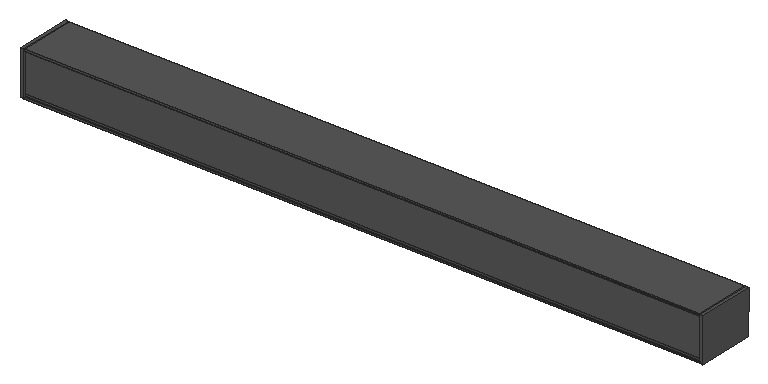
Revit family "EOS3.0-W-DI", category Lighting Fixtures, host Face, Revit 2018
Family settings
  Host = Face
  Round Connector Dimension = Use Diameter
  Part Type = Normal
  Cut with Voids When Loaded = No
  Light Source = Yes
  Shared = Yes
  Room Calculation Point = Yes
Parameters (values of type "4' Direct/ Indirect")
  Wattage = 35.2941 W
  built-in parameter 1150110 = 1 (stored number, unit not read)
  Voltage = 0 V
  built-in parameter 1114217 = 1 (stored number, unit not read)
  built-in parameter 1150109 = 1 (stored number, unit not read)
  built-in parameter 1150134 = 12
  Switch Leg Visibility = no
  Switch Leg [instance] = ""
  built-in parameter 1150113 = 1 (stored number, unit not read)
  Material [instance] = LUX ILLUMINAIRE Black
  built-in parameter 1150105 = 954.93 (stored number, unit not read)
  Lumens = 3000 lm
  built-in parameter 1150115 = 1 (stored number, unit not read)
  Light Source Symbol Size = 2' - 0"
  built-in parameter 1150137 = (empty or 0)
  built-in parameter 1150139 = (empty or 0)
  built-in parameter 1150112 = 1 (stored number, unit not read)
  built-in parameter 1150114 = 1 (stored number, unit not read)
  Lamp = "LED"
  built-in parameter 1150132 = 2
  built-in parameter 1150102 = (empty or 0)
  built-in parameter 1150107 = 4000 (stored number, unit not read)
  built-in parameter 1150138 = (empty or 0)
  built-in parameter 1150106 = 9.5493 (stored number, unit not read)
  Fixture Width = 0' - 3 19/128"  # constant formula
  Fixture Symbol Visiblity = yes
  Fixture Length = 3' - 11.99935"
  Emit from Rectangle Width = Fixture Width - 0' 0 1/4"  # 0' - 2 115/128"
  Emit from Rectangle Length = Fixture Length  # 3' - 11.99935"
  Emit Shape Visible in Rendering = yes
  Emergency Lighting [instance] = no
  built-in parameter 1150104 = 7.8968 (stored number, unit not read)
  Dimming Lamp Color Temperature Shift = <None>
  Default Elevation = 7' - 0"
  Color Filter = 16777215
  built-in parameter 1140040 [instance] = 1
  built-in parameter 1114218 = 1 (stored number, unit not read)
  built-in parameter 1150133 = 10 (stored number, unit not read)
  Apparent Load = 24 VA
Types (6): name | Wattage | built-in parameter 1150105 | Lumens | built-in parameter 1150106 | Fixture Length | Emit from Rectangle Length | Apparent Load
  3' Direct/ Indirect | 264719.1 W | 7162330.5 (stored number, unit not read) | 22501125 lm | 71623.3 (stored number, unit not read) | 2' - 11.99935" | 2' - 11.99935" | 18 VA
  4' Direct/ Indirect | 35.2941 W | 954.93 (stored number, unit not read) | 3000 lm | 9.5493 (stored number, unit not read) | 3' - 11.99935" | 3' - 11.99935" | 24 VA
  5' Direct/ Indirect | 44.1176 W | 1193.7 (stored number, unit not read) | 3750 lm | 11.937 (stored number, unit not read) | 5' - 0" | 5' - 0" | 30 VA
  6' Direct/ Indirect | 52.9412 W | 1432.4 (stored number, unit not read) | 4500 lm | 14.324 (stored number, unit not read) | 6' - 0" | 6' - 0" | 36 VA
  7' Direct/ Indirect | 61.7647 W | 1671.1 (stored number, unit not read) | 5250 lm | 16.711 (stored number, unit not read) | 7' - 0" | 7' - 0" | 42 VA
  8' Direct/ Indirect | 35.2941 W | 954.93 (stored number, unit not read) | 3000 lm | 9.5493 (stored number, unit not read) | 8' - 0" | 8' - 0" | 48 VA
Reference planes (in)
  plane 1 "Center (Front/Back)": y = 0
  plane 2: z = 0
  plane 3 "Center (Left/Right)": x = 0
  plane 4: x = 23.99967
  plane 5: x = -23.99967
  plane 6: z = 1
  plane 7: x = 24.25229
  plane 8: x = -24.25098
  plane 9: z = 3.14844
Forms (in)
  Extrusion 1, solid, material "LUX ILLUMINAIRE Black" <- "Material"
    sketch origin (0.0005, 24.09501, 2.10202) x (0.000014, 0, 1) y (0, -1, 0)
      loop
        line (-2.094, 20.08053) -> (1.04608, 20.08053) -> (1.04608, 24.09501) -> (0.96108, 24.09501) -> (0.96108, 23.982) -> (0.80909, 23.99997) -> (-1.85745, 23.99997) -> (-2.00901, 23.982) -> (-2.00901, 24.09501) -> (-2.094, 24.09501) -> (-2.094, 20.08053)
    from -24.00015 to 23.99917
  Extrusion 2, solid, material "LUX ILLUMINAIRE Black" <- "Material"
    sketch origin (0.0005, 24.09501, 2.10202) x (0.000014, 0, 1) y (0, -1, 0)
      loop
        line (-2.094, 24.09501) -> (-2.094, 20.08053) -> (1.04642, 20.08053) -> (1.04642, 24.09501) -> (-2.094, 24.09501)
    from 23.9992 to 24.25178
  Extrusion 3, solid, not visible
    sketch origin (0, 0, 0) x (1, 0, 0) y (0, 1, 0)
      loop
        circle (0.00029, -24) r 0.1875
    from 0 to 1
  Extrusion 4, solid, not visible
    sketch origin (0, 0, 0) x (1, 0, 0) y (0, 1, 0)
      loop
        circle (0.0005, -24) r 0.03125
    from 1 to 13.33203
  Extrusion 5, solid, not visible
    sketch origin (0, 0, 0) x (1, 0, 0) y (0, 1, 0)
      loop
        circle (0.0005, -24) r 0.18729
    from 13.33203 to 14.08203
  Extrusion 6, solid, material "LUX ILLUMINAIRE Black" <- "Material"
    sketch origin (-23.9995, 24.09501, 2.10292) x (0.000014, 0, 1) y (0, 1, 0)
      loop
        line (-2.09431, -24.09501) -> (1.04551, -24.09501) -> (1.04551, -20.08053) -> (-2.09431, -20.08053) -> (-2.09431, -24.09501)
    from 0.00018 to 0.25145
Lines and regions (in)
  symbolic lines, visible <- "Fixture Symbol Visiblity"
    curve 1: line (23.99967, 0, 3.14844) -> (-23.99967, 0, 3.14844)
    curve 2: line (23.99967, 0, 0.09334) -> (23.99967, 0, 3.14844)
    curve 3: line (-23.99967, 0, 0.09334) -> (23.99967, 0, 0.09334)
    curve 4: line (-23.99967, 0, 3.14844) -> (-23.99967, 0, 0.09334)
Dimensions and locks (in)
  plane 5 to plane 4 = 3' - 11.99935"
  plane 4 to plane 5 = 3' - 11.99935"
  equal spacing: plane 4, plane 3 "Center (Left/Right)", plane 5
  "Fixture Length": plane 4 to plane 5
  plane 7 to plane 4 = 0' - 0.25261"
  plane 5 to plane 8 = 0' - 0.25131"
  "Fixture Width": plane 9 to level
  aligned and locked: plane 2 to host face
  aligned and locked: level to host face
  aligned and locked: plane 7 to Extrusion 2
  aligned and locked: Extrusion 2 to plane 4
  aligned and locked: plane 4 to Extrusion 1
  aligned and locked: Extrusion 6 to plane 8
  aligned and locked: plane 5 to Extrusion 6
  aligned and locked: Extrusion 1 to plane 5
  aligned and locked: plane 5 to curve 4
  aligned and locked: curve 2 to plane 4
  aligned and locked: plane 4 to nested 2
  aligned and locked: nested 2 to plane 5
  aligned and locked: nested 2 to plane 9
  aligned and locked: curve 1 to plane 9
Automatic sketch dimensions
  host sketch curve to host sketch curve = 8' - 0"  (x2)
  level to curve 3 = 0' - 0.09334"
  Extrusion 6 sketch curve to plane 1 "Center (Front/Back)" = 0' - 4.01447"
  Extrusion 6 sketch curve to Extrusion 6 sketch curve = 0' - 3.13983"
  plane 1 "Center (Front/Back)" to Extrusion 6 sketch curve = 0' - 0"
  Extrusion 1 sketch curve to plane 1 "Center (Front/Back)" = 0' - 4.01447"
  Extrusion 1 sketch curve to Extrusion 1 sketch curve = 0' - 0.08499"
  Extrusion 1 sketch curve to Extrusion 1 sketch curve = 0' - 0.15157"
  Extrusion 1 sketch curve to Extrusion 1 sketch curve = 0' - 2.66654"
  Extrusion 1 sketch curve to Extrusion 1 sketch curve = 0' - 0.15199"
  Extrusion 1 sketch curve to plane 1 "Center (Front/Back)" = 0' - 0.113"  (x2)
  Extrusion 1 sketch curve to Extrusion 1 sketch curve = 0' - 0.01797"
  Extrusion 1 sketch curve to Extrusion 1 sketch curve = 0' - 0.113"  (x2)
  Extrusion 1 sketch curve to Extrusion 1 sketch curve = 0' - 3.14008"
  Extrusion 2 sketch curve to plane 1 "Center (Front/Back)" = 0' - 4.01447"
  Extrusion 2 sketch curve to Extrusion 2 sketch curve = 0' - 3.14042"
  plane 1 "Center (Front/Back)" to Extrusion 2 sketch curve = 0' - 0"
  radius of Extrusion 3 sketch curve = 0' - 0 3/16"
  radius of Extrusion 4 sketch curve = 0' - 0 1/32"
  radius of Extrusion 5 sketch curve = 0' - 0.18729"
Nested families (in)
  nested 1: "Indirect Light Source 1" at (0, -4.60801, -52.50449) x (-1, 0, 0) z (0, 0, 1), type "Indirect Light Source 1"
  nested 2: "Emergency Symbol Rectangle" at (0.00033, 0, -9.38368) x (-1, 0, 0) z (0, -1, 0), visible <- "Emergency Lighting", type "Emergency Symbol Rectangle"
    with Width 0' - 9.56424", Length 3' - 11.99935"
Connectors (in)
  electrical at (0.00001, 4.01447, 1.57806), driven by "Apparent Load", driven by "Voltage"
    settings: on Extrusion 1, index 1, voltage 0 V, apparent load 0 VA, apparent load phase1 24 VA, apparent load phase2 0 VA, apparent load phase3 0 VA, power factor 1, load classification "Other", number of poles 1, system type 31, power factor state 1, is connector primary yes, connector utility no, sub classification motor no, connector description ""
Definition of nested family "Indirect Light Source 1"
  Parameters (values of type "Indirect Light Source 1")
    Wattage = 20 W
    built-in parameter 1150110 = 1 (stored number, unit not read)
    built-in parameter 1114217 = 1 (stored number, unit not read)
    built-in parameter 1150109 = 1 (stored number, unit not read)
    built-in parameter 1150134 = 12
    built-in parameter 1150113 = 1 (stored number, unit not read)
    Lumens = 1700 lm
    built-in parameter 1150115 = 1 (stored number, unit not read)
    built-in parameter 1150105 = 541.13 (stored number, unit not read)
    Light Source Symbol Size = 2' - 0"
    built-in parameter 1150137 = (empty or 0)
    built-in parameter 1150139 = (empty or 0)
    built-in parameter 1150112 = 1 (stored number, unit not read)
    built-in parameter 1150114 = 1 (stored number, unit not read)
    built-in parameter 1150132 = (empty or 0)
    built-in parameter 1150102 = (empty or 0)
    built-in parameter 1150138 = (empty or 0)
    built-in parameter 1150107 = 4000 (stored number, unit not read)
    built-in parameter 1150106 = 5.4113 (stored number, unit not read)
    Emit from Rectangle Width = 0' - 2 115/128"
    Emit from Rectangle Length = 3' - 0"
    Emit Shape Visible in Rendering = yes
    built-in parameter 1150104 = 7.8968 (stored number, unit not read)
    Dimming Lamp Color Temperature Shift = (empty or 0)
    Color Filter = 16777215
    built-in parameter 1114218 = 1 (stored number, unit not read)
    built-in parameter 1150133 = 10 (stored number, unit not read)
  Reference planes (in)
    plane 1 "Light Source Axis (F/B)": y = -8.60801
    plane 2: z = 0
    plane 3 "Light Source Axis (L/R)": x = 0
    plane 4 "Light Source Elevation": z = 54
    plane 5: z = 0
  Dimensions and locks (in)
    aligned and locked: plane 3 "Light Source Axis (L/R)" to imposter light
    aligned and locked: level to plane 5
Definition of nested family "Emergency Symbol Rectangle"
  Parameters (values of type "Emergency Symbol Rectangle")
    Width [instance] = 0' - 8 1/2"
    Length [instance] = 5' - 0"
    Emergency Visibility = no
  Reference planes (in)
    plane 1 "Center (Front/Back)": y = -7.75
    plane 2: z = 0
    plane 3 "Center (Left/Right)": x = -24
    plane 4: x = 24
    plane 5: x = -36
    plane 6: y = -3.5
    plane 7: y = -12
  Lines and regions (in)
    Filled region 1, type "Solid Fill - Black", in view "Ref. Level", detail levels coarse+medium
      outline origin (0, 0.25, 0) x (1, 0, 0) y (0, 1, 0)
        loop
          line (-36, -12.25) -> (24, -12.25) -> (-36, -10.125) -> (-36, -12.25)
  Dimensions and locks (in)
    equal spacing: plane 7, plane 1 "Center (Front/Back)", plane 6
    "Width": plane 7 to plane 6
    "Length": plane 5 to plane 4
    aligned and locked: plane 5 to Filled region 1
  Automatic sketch dimensions
    plane 1 "Center (Front/Back)" to Filled region 1 sketch curve = 0' - 2 1/8"
    Filled region 1 sketch curve to plane 3 "Center (Left/Right)" = 1' - 0"
    Filled region 1 sketch curve to plane 4 = 0' - 0"
    Filled region 1 sketch curve to plane 7 = 0' - 0"
